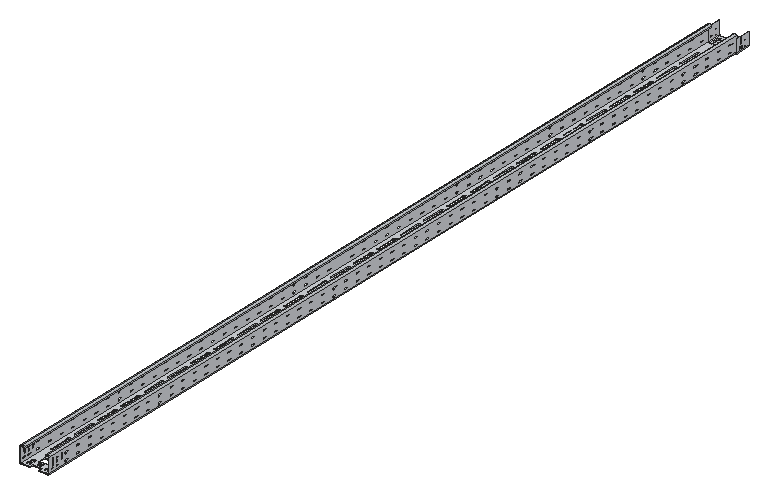
Revit family "Kabelrinne MKS Magic-MKSM Kabelrinne 1 mm, FT,FS", category Generic Models, Revit 2017
Family settings
  Can host rebar = No
  Round Connector Dimension = Use Diameter
  Part Type = Normal
  Work Plane-Based = No
  Always vertical = Yes
  Cut with Voids When Loaded = No
  Shared = No
  Room Calculation Point = No
Parameters (values of type "MKSM 610 FT")
  Width 2 = 50 mm
  Width 1 = 50.001 mm
  Width = 100 mm
  URL = "http://www.obo-bettermann.com"
  Material = Hot-dip galvanised
  Manufacturer Art.No. = "6059018"
  Manufacturer = "OBO Bettermann"
  Length 4 = 2846.7 mm
  Length 3 = 2949 mm
  Length 2 = 2898 mm
  Length 1 = 3000 mm
  Length = 3050 mm
  Height 1 = 48.3 mm
  Height = 60 mm
  GTIN = "4012195830023"
  Cut's space 2 = 101.7 mm
  Cut's space = 50.8 mm
  Cut's number 5 = Length 2 / Cut's space 2 - 1  # 27
  Cut's number 4 = Length 4 / Cut's space 2  # 28
  Cut's number 3 = Length 3 / Cut's space  # 58
  Cut's number 2 = Length 2 / Cut's space  # 57
  Cut's number = 2
  Article Type = "MKSM 610 FT"
Reference planes
  plane 1 "Center (Front/Back)": y = 0
  plane 2: z = 0
  plane 3 "Center (Left/Right)": x = 0
  plane 4: z = 51
  plane 5: z = 60
  plane 6: z = 53.959
  plane 7: z = -1.808
  plane 8: z = 0
  plane 9: y = 1255.055
  plane 10: z = 0
  plane 11: z = 13.5
  plane 12: z = 20.095
  plane 13: z = 14
  plane 14: z = 27.5
  plane 15: z = 22.75
  plane 16: z = 47.25
  plane 17: z = -1.808
  plane 18: y = 14.7
  plane 19: z = 13.5
  plane 20: y = 35.85
  plane 21: z = 27.5
  plane 22: z = 39
  plane 23: z = 39
  plane 24: x = -31
  plane 25: x = 31.001
  plane 26: x = 0.001
  plane 27: y = 10.417
  plane 28: z = 35
  plane 29: z = 31
  plane 30: z = 35
  plane 31: z = 47.25
  plane 32: z = 22.75
  plane 33: y = 61.35
  plane 34: z = 35
  plane 35: z = 17.442
  plane 36: y = 3024.25
  plane 37: z = 29.6
  plane 38: z = 22.25
  plane 39: y = 3015
  plane 40: y = 3020
  plane 41: y = 3015
  plane 42: y = 3020
  plane 43: y = 3015
  plane 44: y = 3035
  plane 45: z = 9.192
  plane 46: z = 9.192
  plane 47: y = 3035
  plane 48: y = 3024.58
  plane 49: z = 13.5
  plane 50: y = 76.25
  plane 51: y = 2972.549
  plane 52: y = 127.08
  plane 53: y = 3037.29
  plane 54: y = 12.71
  plane 55: y = 1.865
  plane 56: y = 50.83
  plane 57: y = 2949.17
  plane 58: y = 152.394
  plane 59: y = 76.25
  plane 60: y = 177.92
  plane 61: y = 2922.95
  plane 62: y = 25.1
  plane 63: x = -30.999
  plane 64: x = 31.001
  plane 65: z = -3.5
  plane 66: z = -3.5
  plane 67: y = 14
  plane 68: y = 25.1
  plane 69: x = 5
  plane 70: x = -7
  plane 71: y = 20.5
  plane 72: z = -3.5
  plane 73: z = -3.5
  plane 74: y = 191.894
  plane 75: y = 112.894
  plane 76: y = 254.178
  plane 77: y = 293.58
  plane 78: y = 214.58
  plane 79: y = 2897.712
  plane 80: y = 395.26
  plane 81: y = 316.26
  plane 82: y = 355.862
  plane 83: y = 496.94
  plane 84: y = 417.94
  plane 85: y = 598.62
  plane 86: y = 519.62
  plane 87: y = 700.3
  plane 88: y = 621.3
  plane 89: y = 801.98
  plane 90: y = 722.98
  plane 91: y = 903.66
  plane 92: y = 824.66
  plane 93: y = 1005.34
  plane 94: y = 926.34
  plane 95: y = 1107.02
  plane 96: y = 1028.02
  plane 97: y = 1208.7
  plane 98: y = 1129.7
  plane 99: y = 1310.38
  plane 100: y = 1231.38
  plane 101: y = 1412.06
  plane 102: y = 1333.06
  plane 103: y = 1513.74
  plane 104: y = 1434.74
  plane 105: y = 1615.42
  plane 106: y = 1536.42
  plane 107: y = 1717.1
  plane 108: y = 1638.1
  plane 109: y = 1818.78
  plane 110: y = 1739.78
  plane 111: y = 1920.46
  plane 112: y = 1841.46
  plane 113: y = 2022.14
  plane 114: y = 1943.14
  plane 115: y = 2123.82
  plane 116: y = 2044.82
  plane 117: y = 2225.499
  plane 118: y = 2146.499
  plane 119: y = 2327.179
  plane 120: y = 2248.179
  plane 121: y = 2428.859
  plane 122: y = 2349.859
  plane 123: y = 2530.539
  plane 124: y = 2451.539
  plane 125: y = 2632.219
  plane 126: y = 2553.219
  plane 127: y = 2733.899
  plane 128: y = 2654.899
  plane 129: y = 2835.579
  plane 130: y = 2756.579
  plane 131: y = 2937.259
  plane 132: y = 2858.259
  plane 133: y = 152.394
  plane 134: y = 112.894
  plane 135: y = 191.894
  plane 136: y = 191.894
  plane 137: y = 254.097
  plane 138: y = 214.597
  plane 139: y = 293.597
  plane 140: y = 293.597
  plane 141: y = 355.779
  plane 142: y = 316.279
  plane 143: y = 395.279
  plane 144: y = 395.279
  plane 145: y = 457.462
  plane 146: y = 417.962
  plane 147: y = 496.962
  plane 148: y = 496.962
  plane 149: y = 559.144
  plane 150: y = 519.644
  plane 151: y = 598.644
  plane 152: y = 598.644
  plane 153: y = 660.827
  plane 154: y = 621.327
  plane 155: y = 700.327
  plane 156: y = 700.327
  plane 157: y = 762.509
  plane 158: y = 723.009
  plane 159: y = 802.009
  plane 160: y = 802.009
  plane 161: y = 864.192
  plane 162: y = 824.692
  plane 163: y = 903.692
  plane 164: y = 903.692
  plane 165: y = 965.874
  plane 166: y = 926.374
  plane 167: y = 1005.374
  plane 168: y = 1005.374
  plane 169: y = 1067.557
  plane 170: y = 1028.057
  plane 171: y = 1107.057
  plane 172: y = 1107.057
  plane 173: y = 1169.24
  plane 174: y = 1129.74
  plane 175: y = 1208.74
  plane 176: y = 1208.74
  plane 177: y = 1270.922
  plane 178: y = 1231.422
  plane 179: y = 1310.422
  plane 180: y = 1310.422
  plane 181: y = 1372.605
  plane 182: y = 1333.105
  plane 183: y = 1412.105
  plane 184: y = 1412.105
  plane 185: y = 1474.287
  plane 186: y = 1434.787
  plane 187: y = 1513.787
  plane 188: y = 1513.787
  plane 189: y = 1575.97
  plane 190: y = 1536.47
  plane 191: y = 1615.47
  plane 192: y = 1615.47
  plane 193: y = 1677.652
  plane 194: y = 1638.152
  plane 195: y = 1717.152
  plane 196: y = 1717.152
  plane 197: y = 1779.335
  plane 198: y = 1739.835
  plane 199: y = 1818.835
  plane 200: y = 1818.835
  plane 201: y = 1881.018
  plane 202: y = 1841.518
  plane 203: y = 1920.518
  plane 204: y = 1920.518
  plane 205: y = 1982.7
  plane 206: y = 1943.2
  plane 207: y = 2022.2
  plane 208: y = 2022.2
  plane 209: y = 2084.383
  plane 210: y = 2044.883
  plane 211: y = 2123.883
  plane 212: y = 2123.883
  plane 213: y = 2186.065
  plane 214: y = 2146.565
  plane 215: y = 2225.565
  plane 216: y = 2225.565
  plane 217: y = 2287.748
  plane 218: y = 2248.248
  plane 219: y = 2327.248
  plane 220: y = 2327.248
  plane 221: y = 2389.43
  plane 222: y = 2349.93
  plane 223: y = 2428.93
  plane 224: y = 2428.93
  plane 225: y = 2491.113
  plane 226: y = 2451.613
  plane 227: y = 2530.613
  plane 228: y = 2530.613
  plane 229: y = 2592.796
  plane 230: y = 2553.296
  plane 231: y = 2632.296
  plane 232: y = 2632.296
  plane 233: y = 2694.478
  plane 234: y = 2654.978
  plane 235: y = 2733.978
  plane 236: y = 2733.978
  plane 237: y = 2796.161
  plane 238: y = 2756.661
  plane 239: y = 2835.661
  plane 240: y = 2835.661
  plane 241: y = 2897.843
  plane 242: y = 2858.343
  plane 243: y = 2937.343
  plane 244: y = 2937.343
Forms (mm)
  Extrusion 1, solid
    sketch origin (0, 0, 0) x (1, 0, 0) y (0, 0, 1)
      loop
        line (-47.499, 0) -> (47.501, 0)
        arc (47.501, 0) -> (49.269, 0.732) -> (50.001, 2.5) r 2.5
        line (50.001, 2.5) -> (50.001, 53.959)
        arc (50.001, 53.959) -> (44.001, 59.959) -> (38.001, 53.959) r 6
        line (38.001, 53.959) -> (38.001, 51) -> (39.001, 51) -> (39.001, 53.959)
        arc (39.001, 53.959) -> (44.001, 58.959) -> (49.001, 53.959) r 5
        line (49.001, 53.959) -> (49.001, 2)
        arc (49.001, 2) -> (48.708, 1.293) -> (48.001, 1) r 1
        line (48.001, 1) -> (-47.999, 1)
        arc (-47.999, 1) -> (-48.706, 1.293) -> (-48.999, 2) r 1
        line (-48.999, 2) -> (-48.999, 53.959)
        arc (-48.999, 53.959) -> (-43.999, 58.959) -> (-38.999, 53.959) r 5
        line (-38.999, 53.959) -> (-38.999, 51) -> (-37.999, 51) -> (-37.999, 53.959)
        arc (-37.999, 53.959) -> (-43.999, 59.959) -> (-49.999, 53.959) r 6
        line (-49.999, 53.959) -> (-49.999, 2.5)
        arc (-49.999, 2.5) -> (-49.267, 0.732) -> (-47.499, 0) r 2.5
    from -3000 to 0
  Extrusion 2, solid
    sketch origin (0, 0, 0) x (1, 0, 0) y (0, 0, 1)
      loop
        line (-49.999, 46.492) -> (-51.799, 46.492) -> (-51.799, 2.5)
        arc (-51.799, 2.5) -> (-50.539, -0.541) -> (-47.499, -1.8) r 4.3
        line (-47.499, -1.8) -> (47.502, -1.8)
        arc (47.502, -1.8) -> (50.542, -0.541) -> (51.801, 2.5) r 4.3
        line (51.801, 2.5) -> (51.801, 46.492) -> (50.001, 46.492) -> (50.001, 2.5)
        arc (50.001, 2.5) -> (49.269, 0.732) -> (47.502, 0) r 2.5
        line (47.502, 0) -> (-47.528, 0)
        arc (-47.528, 0) -> (-49.275, 0.724) -> (-49.999, 2.471) r 2.471
        line (-49.999, 2.471) -> (-49.999, 46.492)
    from -3050 to -3000
  Extrusion 3, void
    sketch origin (0, 0, 0) x (0, 1, 0) y (0, 0, 1)
      loop
        arc (10.7, 17.5) -> (6.7, 13.5) -> (10.7, 9.5) r 4
        line (10.7, 9.5) -> (18.7, 9.5)
        arc (18.7, 9.5) -> (22.7, 13.5) -> (18.7, 17.5) r 4
        line (18.7, 17.5) -> (10.7, 17.5)
    from 49.001 to 50.001
  Extrusion 4, void
    sketch origin (0, 0, 0) x (0, 1, 0) y (0, 0, 1)
      loop
        line (18.7, 17.5) -> (10.7, 17.5)
        arc (10.7, 17.5) -> (6.7, 13.5) -> (10.7, 9.5) r 4
        line (10.7, 9.5) -> (18.7, 9.5)
        arc (18.7, 9.5) -> (22.7, 13.5) -> (18.7, 17.5) r 4
    from -49.999 to -48.999
  Extrusion 5, void
    sketch origin (0, 0, 0) x (0, 1, 0) y (0, 0, 1)
      loop
        arc (31.85, 17.5) -> (28.35, 14) -> (31.85, 10.5) r 3.5
        line (31.85, 10.5) -> (39.85, 10.5)
        arc (39.85, 10.5) -> (43.35, 14) -> (39.85, 17.5) r 3.5
        line (39.85, 17.5) -> (31.85, 17.5)
    from 49.001 to 50.001
  Extrusion 6, void
    sketch origin (0, 0, 0) x (0, 1, 0) y (0, 0, 1)
      loop
        line (39.844, 17.5) -> (31.85, 17.5)
        arc (31.85, 17.5) -> (28.35, 14) -> (31.85, 10.5) r 3.5
        line (31.85, 10.5) -> (39.844, 10.5)
        arc (39.844, 10.5) -> (43.344, 14) -> (39.844, 17.5) r 3.5
    from -49.999 to -48.999
  Extrusion 7, void
    sketch origin (0, 0, 0) x (0, 1, 0) y (0, 0, 1)
      loop
        line (31.85, 31.5) -> (31.85, 23.5) -> (39.85, 23.5) -> (39.85, 31.5) -> (31.85, 31.5)
    from 49.001 to 50.001
  Extrusion 8, void
    sketch origin (0, 0, 0) x (0, 1, 0) y (0, 0, 1)
      loop
        line (39.85, 31.5) -> (31.85, 31.5) -> (31.85, 23.5) -> (39.85, 23.5) -> (39.85, 31.5)
    from -49.999 to -48.999
  Extrusion 9, void
    sketch origin (0, 0, 0) x (0, 1, 0) y (0, 0, 1)
      loop
        arc (31.859, 42.5) -> (28.35, 38.991) -> (31.859, 35.481) r 3.509
        line (31.859, 35.481) -> (39.841, 35.481)
        arc (39.841, 35.481) -> (43.35, 38.991) -> (39.841, 42.5) r 3.509
        line (39.841, 42.5) -> (31.859, 42.5)
    from 49.001 to 50.001
  Extrusion 10, void
    sketch origin (0, 0, 0) x (0, 1, 0) y (0, 0, 1)
      loop
        line (39.85, 42.5) -> (31.85, 42.5)
        arc (31.85, 42.5) -> (28.35, 39) -> (31.85, 35.5) r 3.5
        line (31.85, 35.5) -> (39.85, 35.5)
        arc (39.85, 35.5) -> (43.35, 39) -> (39.85, 42.5) r 3.5
    from -49.999 to -48.999
  Extrusion 11, void
    sketch origin (0, 0, 0) x (0, 1, 0) y (0, 0, 1)
      loop
        line (20.894, 47.25) -> (12.924, 47.25) -> (12.924, 39) -> (10.417, 39) -> (10.417, 31) -> (12.924, 31) -> (12.924, 22.75) -> (20.894, 22.75) -> (20.894, 47.25)
    from 49.001 to 50.001
  Extrusion 12, void
    sketch origin (0, 0, 0) x (0, 1, 0) y (0, 0, 1)
      loop
        line (20.894, 47.25) -> (12.924, 47.25) -> (12.924, 39) -> (10.417, 39) -> (10.417, 31) -> (12.924, 31) -> (12.924, 22.75) -> (20.894, 22.75) -> (20.894, 47.25)
    from -49.999 to -48.999
  Extrusion 13, void
    sketch origin (0, 0, 0) x (0, 1, 0) y (0, 0, 1)
      loop
        line (50.85, 22.75) -> (58.85, 22.75) -> (58.85, 31) -> (61.35, 31) -> (61.35, 39) -> (58.85, 39) -> (58.85, 47.25) -> (50.85, 47.25) -> (50.85, 22.75)
    from 49.001 to 50.001
  Extrusion 14, void
    sketch origin (0, 0, 0) x (0, 1, 0) y (0, 0, 1)
      loop
        line (50.85, 47.25) -> (50.85, 22.75) -> (58.85, 22.75) -> (58.85, 31) -> (61.35, 31) -> (61.35, 39) -> (58.85, 39) -> (58.85, 47.25) -> (50.85, 47.25)
    from -49.999 to -48.999
  Extrusion 15, void
    sketch origin (0, 0, 0) x (0, 1, 0) y (0, 0, 1)
      loop
        line (3007.25, 17.442) -> (3007.25, 8.942) -> (3024.25, 8.942) -> (3024.25, 17.442) -> (3007.25, 17.442)
    from 50.001 to 51.801
  Extrusion 16, void
    sketch origin (0, 0, 0) x (0, 1, 0) y (0, 0, 1)
      loop
        line (3024.25, 17.442) -> (3007.25, 17.442) -> (3007.25, 8.922) -> (3024.25, 8.922) -> (3024.25, 17.442)
    from -51.799 to -49.999
  Extrusion 17, void
    sketch origin (0, 0, 0) x (0, 1, 0) y (0, 0, 1)
      loop
        line (3020, 38.384) -> (3015, 38.384) -> (3015, 22.25) -> (3020, 22.25) -> (3020, 38.384)
    from 50.001 to 51.801
  Extrusion 18, void
    sketch origin (0, 0, 0) x (0, 1, 0) y (0, 0, 1)
      loop
        line (3020, 46.492) -> (3011.99, 46.492) -> (3015.025, 38.384) -> (3019.937, 38.384) -> (3022.903, 46.492) -> (3020, 46.492)
    from 50.001 to 51.801
  Extrusion 19, void
    sketch origin (0, 0, 0) x (0, 1, 0) y (0, 0, 1)
      loop
        line (3030, 29.6) -> (3030, 25.6) -> (3040, 25.6) -> (3040, 29.6) -> (3030, 29.6)
    from 50.001 to 51.801
  Extrusion 20, void
    sketch origin (0, 0, 0) x (0, 1, 0) y (0, 0, 1)
      loop
        circle (3035.041, 9.192) r 4.5
    from 50.001 to 51.801
  Extrusion 21, void
    sketch origin (0, 0, 0) x (0, 1, 0) y (0, 0, 1)
      loop
        line (3040, 29.6) -> (3030, 29.6) -> (3030, 25.6) -> (3040, 25.6) -> (3040, 29.6)
    from -51.799 to -49.999
  Extrusion 22, void
    sketch origin (0, 0, 0) x (0, 1, 0) y (0, 0, 1)
      loop
        circle (3034.949, 9.188) r 4.5
    from -51.799 to -49.999
  Extrusion 23, void
    sketch origin (0, 0, 0) x (0, 1, 0) y (0, 0, 1)
      loop
        line (3020, 22.25) -> (3020, 38.384) -> (3015, 38.384) -> (3015, 22.25) -> (3020, 22.25)
    from -51.799 to -49.999
  Extrusion 24, void
    sketch origin (0, 0, 0) x (0, 1, 0) y (0, 0, 1)
      loop
        line (3015, 46.492) -> (3011.99, 46.492) -> (3015.025, 38.384) -> (3020, 38.384) -> (3022.967, 46.492) -> (3015, 46.492)
    from -51.799 to -49.999
  Extrusion 25, void
    sketch origin (0, 0, 0) x (1, 0, 0) y (0, 1, 0)
      loop
        line (-7.999, 3028.08) -> (-7.999, 3021.08) -> (8.001, 3021.08) -> (8.001, 3028.08) -> (-7.999, 3028.08)
    from -1.808 to 0
  Extrusion 26, void
    sketch origin (0, 0, 0) x (1, 0, 0) y (0, 1, 0)
      loop
        line (-39, 3035.68) -> (-39, 3028.08) -> (-23, 3028.08) -> (-23, 3035.68) -> (-39, 3035.68)
    from -1.808 to 0
  Extrusion 27, void
    sketch origin (0, 0, 0) x (1, 0, 0) y (0, 1, 0)
      loop
        line (23.001, 3035.68) -> (23.001, 3028.08) -> (39.001, 3028.08) -> (39.001, 3035.68) -> (23.001, 3035.68)
    from -1.808 to 0
  Extrusion 28, void
    sketch origin (0, 0, 0) x (1, 0, 0) y (0, 1, 0)
      loop
        line (-39, 3013.48) -> (-23, 3013.48) -> (-23, 3021.08) -> (-39, 3021.08) -> (-39, 3013.48)
    from -1.808 to 0
  Extrusion 29, void
    sketch origin (0, 0, 0) x (1, 0, 0) y (0, 1, 0)
      loop
        line (23.001, 3021.08) -> (23.001, 3013.48) -> (39.001, 3013.48) -> (39.001, 3021.08) -> (23.001, 3021.08)
    from -1.808 to 0
  Extrusion 30, void
    sketch origin (0, 0, 0) x (0, 1, 0) y (0, 0, 1)
      loop
        arc (69.75, 17.5) -> (66.25, 14) -> (69.75, 10.5) r 3.5
        line (69.75, 10.5) -> (82.75, 10.5)
        arc (82.75, 10.5) -> (86.25, 14) -> (82.75, 17.5) r 3.5
        line (82.75, 17.5) -> (69.75, 17.5)
    from 49.001 to 50.001
  Extrusion 31, void
    sketch origin (0, 50.792, 0) x (0, 1, 0) y (0, 0, 1)
      loop
        arc (69.75, 17.5) -> (66.25, 14) -> (69.75, 10.5) r 3.5
        line (69.75, 10.5) -> (82.75, 10.5)
        arc (82.75, 10.5) -> (86.25, 14) -> (82.75, 17.5) r 3.5
        line (82.75, 17.5) -> (69.75, 17.5)
    from 49.001 to 50.001
  Extrusion 32, void
    sketch origin (0, 101.606, 0) x (0, 1, 0) y (0, 0, 1)
      loop
        arc (69.75, 17.5) -> (66.25, 14) -> (69.75, 10.5) r 3.5
        line (69.75, 10.5) -> (82.75, 10.5)
        arc (82.75, 10.5) -> (86.25, 14) -> (82.75, 17.5) r 3.5
        line (82.75, 17.5) -> (69.75, 17.5)
    from 49.001 to 50.001
  Extrusion 33, void
    sketch origin (0, 152.42, 0) x (0, 1, 0) y (0, 0, 1)
      loop
        arc (69.75, 17.5) -> (66.25, 14) -> (69.75, 10.5) r 3.5
        line (69.75, 10.5) -> (82.75, 10.5)
        arc (82.75, 10.5) -> (86.25, 14) -> (82.75, 17.5) r 3.5
        line (82.75, 17.5) -> (69.75, 17.5)
    from 49.001 to 50.001
  Extrusion 34, void
    sketch origin (0, 203.233, 0) x (0, 1, 0) y (0, 0, 1)
      loop
        arc (69.75, 17.5) -> (66.25, 14) -> (69.75, 10.5) r 3.5
        line (69.75, 10.5) -> (82.75, 10.5)
        arc (82.75, 10.5) -> (86.25, 14) -> (82.75, 17.5) r 3.5
        line (82.75, 17.5) -> (69.75, 17.5)
    from 49.001 to 50.001
  Extrusion 35, void
    sketch origin (0, 254.047, 0) x (0, 1, 0) y (0, 0, 1)
      loop
        arc (69.75, 17.5) -> (66.25, 14) -> (69.75, 10.5) r 3.5
        line (69.75, 10.5) -> (82.75, 10.5)
        arc (82.75, 10.5) -> (86.25, 14) -> (82.75, 17.5) r 3.5
        line (82.75, 17.5) -> (69.75, 17.5)
    from 49.001 to 50.001
  Extrusion 36, void
    sketch origin (0, 304.861, 0) x (0, 1, 0) y (0, 0, 1)
      loop
        arc (69.75, 17.5) -> (66.25, 14) -> (69.75, 10.5) r 3.5
        line (69.75, 10.5) -> (82.75, 10.5)
        arc (82.75, 10.5) -> (86.25, 14) -> (82.75, 17.5) r 3.5
        line (82.75, 17.5) -> (69.75, 17.5)
    from 49.001 to 50.001
  Extrusion 37, void
    sketch origin (0, 355.675, 0) x (0, 1, 0) y (0, 0, 1)
      loop
        arc (69.75, 17.5) -> (66.25, 14) -> (69.75, 10.5) r 3.5
        line (69.75, 10.5) -> (82.75, 10.5)
        arc (82.75, 10.5) -> (86.25, 14) -> (82.75, 17.5) r 3.5
        line (82.75, 17.5) -> (69.75, 17.5)
    from 49.001 to 50.001
  Extrusion 38, void
    sketch origin (0, 406.488, 0) x (0, 1, 0) y (0, 0, 1)
      loop
        arc (69.75, 17.5) -> (66.25, 14) -> (69.75, 10.5) r 3.5
        line (69.75, 10.5) -> (82.75, 10.5)
        arc (82.75, 10.5) -> (86.25, 14) -> (82.75, 17.5) r 3.5
        line (82.75, 17.5) -> (69.75, 17.5)
    from 49.001 to 50.001
  Extrusion 39, void
    sketch origin (0, 457.302, 0) x (0, 1, 0) y (0, 0, 1)
      loop
        arc (69.75, 17.5) -> (66.25, 14) -> (69.75, 10.5) r 3.5
        line (69.75, 10.5) -> (82.75, 10.5)
        arc (82.75, 10.5) -> (86.25, 14) -> (82.75, 17.5) r 3.5
        line (82.75, 17.5) -> (69.75, 17.5)
    from 49.001 to 50.001
  Extrusion 40, void
    sketch origin (0, 508.116, 0) x (0, 1, 0) y (0, 0, 1)
      loop
        arc (69.75, 17.5) -> (66.25, 14) -> (69.75, 10.5) r 3.5
        line (69.75, 10.5) -> (82.75, 10.5)
        arc (82.75, 10.5) -> (86.25, 14) -> (82.75, 17.5) r 3.5
        line (82.75, 17.5) -> (69.75, 17.5)
    from 49.001 to 50.001
  Extrusion 41, void
    sketch origin (0, 558.929, 0) x (0, 1, 0) y (0, 0, 1)
      loop
        arc (69.75, 17.5) -> (66.25, 14) -> (69.75, 10.5) r 3.5
        line (69.75, 10.5) -> (82.75, 10.5)
        arc (82.75, 10.5) -> (86.25, 14) -> (82.75, 17.5) r 3.5
        line (82.75, 17.5) -> (69.75, 17.5)
    from 49.001 to 50.001
  Extrusion 42, void
    sketch origin (0, 609.743, 0) x (0, 1, 0) y (0, 0, 1)
      loop
        arc (69.75, 17.5) -> (66.25, 14) -> (69.75, 10.5) r 3.5
        line (69.75, 10.5) -> (82.75, 10.5)
        arc (82.75, 10.5) -> (86.25, 14) -> (82.75, 17.5) r 3.5
        line (82.75, 17.5) -> (69.75, 17.5)
    from 49.001 to 50.001
  Extrusion 43, void
    sketch origin (0, 660.557, 0) x (0, 1, 0) y (0, 0, 1)
      loop
        arc (69.75, 17.5) -> (66.25, 14) -> (69.75, 10.5) r 3.5
        line (69.75, 10.5) -> (82.75, 10.5)
        arc (82.75, 10.5) -> (86.25, 14) -> (82.75, 17.5) r 3.5
        line (82.75, 17.5) -> (69.75, 17.5)
    from 49.001 to 50.001
  Extrusion 44, void
    sketch origin (0, 711.371, 0) x (0, 1, 0) y (0, 0, 1)
      loop
        arc (69.75, 17.5) -> (66.25, 14) -> (69.75, 10.5) r 3.5
        line (69.75, 10.5) -> (82.75, 10.5)
        arc (82.75, 10.5) -> (86.25, 14) -> (82.75, 17.5) r 3.5
        line (82.75, 17.5) -> (69.75, 17.5)
    from 49.001 to 50.001
  Extrusion 45, void
    sketch origin (0, 762.184, 0) x (0, 1, 0) y (0, 0, 1)
      loop
        arc (69.75, 17.5) -> (66.25, 14) -> (69.75, 10.5) r 3.5
        line (69.75, 10.5) -> (82.75, 10.5)
        arc (82.75, 10.5) -> (86.25, 14) -> (82.75, 17.5) r 3.5
        line (82.75, 17.5) -> (69.75, 17.5)
    from 49.001 to 50.001
  Extrusion 46, void
    sketch origin (0, 812.998, 0) x (0, 1, 0) y (0, 0, 1)
      loop
        arc (69.75, 17.5) -> (66.25, 14) -> (69.75, 10.5) r 3.5
        line (69.75, 10.5) -> (82.75, 10.5)
        arc (82.75, 10.5) -> (86.25, 14) -> (82.75, 17.5) r 3.5
        line (82.75, 17.5) -> (69.75, 17.5)
    from 49.001 to 50.001
  Extrusion 47, void
    sketch origin (0, 863.812, 0) x (0, 1, 0) y (0, 0, 1)
      loop
        arc (69.75, 17.5) -> (66.25, 14) -> (69.75, 10.5) r 3.5
        line (69.75, 10.5) -> (82.75, 10.5)
        arc (82.75, 10.5) -> (86.25, 14) -> (82.75, 17.5) r 3.5
        line (82.75, 17.5) -> (69.75, 17.5)
    from 49.001 to 50.001
  Extrusion 48, void
    sketch origin (0, 914.625, 0) x (0, 1, 0) y (0, 0, 1)
      loop
        arc (69.75, 17.5) -> (66.25, 14) -> (69.75, 10.5) r 3.5
        line (69.75, 10.5) -> (82.75, 10.5)
        arc (82.75, 10.5) -> (86.25, 14) -> (82.75, 17.5) r 3.5
        line (82.75, 17.5) -> (69.75, 17.5)
    from 49.001 to 50.001
  Extrusion 49, void
    sketch origin (0, 965.439, 0) x (0, 1, 0) y (0, 0, 1)
      loop
        arc (69.75, 17.5) -> (66.25, 14) -> (69.75, 10.5) r 3.5
        line (69.75, 10.5) -> (82.75, 10.5)
        arc (82.75, 10.5) -> (86.25, 14) -> (82.75, 17.5) r 3.5
        line (82.75, 17.5) -> (69.75, 17.5)
    from 49.001 to 50.001
  Extrusion 50, void
    sketch origin (0, 1016.253, 0) x (0, 1, 0) y (0, 0, 1)
      loop
        arc (69.75, 17.5) -> (66.25, 14) -> (69.75, 10.5) r 3.5
        line (69.75, 10.5) -> (82.75, 10.5)
        arc (82.75, 10.5) -> (86.25, 14) -> (82.75, 17.5) r 3.5
        line (82.75, 17.5) -> (69.75, 17.5)
    from 49.001 to 50.001
  Extrusion 51, void
    sketch origin (0, 1067.066, 0) x (0, 1, 0) y (0, 0, 1)
      loop
        arc (69.75, 17.5) -> (66.25, 14) -> (69.75, 10.5) r 3.5
        line (69.75, 10.5) -> (82.75, 10.5)
        arc (82.75, 10.5) -> (86.25, 14) -> (82.75, 17.5) r 3.5
        line (82.75, 17.5) -> (69.75, 17.5)
    from 49.001 to 50.001
  Extrusion 52, void
    sketch origin (0, 1117.88, 0) x (0, 1, 0) y (0, 0, 1)
      loop
        arc (69.75, 17.5) -> (66.25, 14) -> (69.75, 10.5) r 3.5
        line (69.75, 10.5) -> (82.75, 10.5)
        arc (82.75, 10.5) -> (86.25, 14) -> (82.75, 17.5) r 3.5
        line (82.75, 17.5) -> (69.75, 17.5)
    from 49.001 to 50.001
  Extrusion 53, void
    sketch origin (0, 1168.694, 0) x (0, 1, 0) y (0, 0, 1)
      loop
        arc (69.75, 17.5) -> (66.25, 14) -> (69.75, 10.5) r 3.5
        line (69.75, 10.5) -> (82.75, 10.5)
        arc (82.75, 10.5) -> (86.25, 14) -> (82.75, 17.5) r 3.5
        line (82.75, 17.5) -> (69.75, 17.5)
    from 49.001 to 50.001
  Extrusion 54, void
    sketch origin (0, 1219.508, 0) x (0, 1, 0) y (0, 0, 1)
      loop
        arc (69.75, 17.5) -> (66.25, 14) -> (69.75, 10.5) r 3.5
        line (69.75, 10.5) -> (82.75, 10.5)
        arc (82.75, 10.5) -> (86.25, 14) -> (82.75, 17.5) r 3.5
        line (82.75, 17.5) -> (69.75, 17.5)
    from 49.001 to 50.001
  Extrusion 55, void
    sketch origin (0, 1270.321, 0) x (0, 1, 0) y (0, 0, 1)
      loop
        arc (69.75, 17.5) -> (66.25, 14) -> (69.75, 10.5) r 3.5
        line (69.75, 10.5) -> (82.75, 10.5)
        arc (82.75, 10.5) -> (86.25, 14) -> (82.75, 17.5) r 3.5
        line (82.75, 17.5) -> (69.75, 17.5)
    from 49.001 to 50.001
  Extrusion 56, void
    sketch origin (0, 1321.135, 0) x (0, 1, 0) y (0, 0, 1)
      loop
        arc (69.75, 17.5) -> (66.25, 14) -> (69.75, 10.5) r 3.5
        line (69.75, 10.5) -> (82.75, 10.5)
        arc (82.75, 10.5) -> (86.25, 14) -> (82.75, 17.5) r 3.5
        line (82.75, 17.5) -> (69.75, 17.5)
    from 49.001 to 50.001
  Extrusion 57, void
    sketch origin (0, 1371.949, 0) x (0, 1, 0) y (0, 0, 1)
      loop
        arc (69.75, 17.5) -> (66.25, 14) -> (69.75, 10.5) r 3.5
        line (69.75, 10.5) -> (82.75, 10.5)
        arc (82.75, 10.5) -> (86.25, 14) -> (82.75, 17.5) r 3.5
        line (82.75, 17.5) -> (69.75, 17.5)
    from 49.001 to 50.001
  Extrusion 58, void
    sketch origin (0, 1422.762, 0) x (0, 1, 0) y (0, 0, 1)
      loop
        arc (69.75, 17.5) -> (66.25, 14) -> (69.75, 10.5) r 3.5
        line (69.75, 10.5) -> (82.75, 10.5)
        arc (82.75, 10.5) -> (86.25, 14) -> (82.75, 17.5) r 3.5
        line (82.75, 17.5) -> (69.75, 17.5)
    from 49.001 to 50.001
  Extrusion 59, void
    sketch origin (0, 1473.576, 0) x (0, 1, 0) y (0, 0, 1)
      loop
        arc (69.75, 17.5) -> (66.25, 14) -> (69.75, 10.5) r 3.5
        line (69.75, 10.5) -> (82.75, 10.5)
        arc (82.75, 10.5) -> (86.25, 14) -> (82.75, 17.5) r 3.5
        line (82.75, 17.5) -> (69.75, 17.5)
    from 49.001 to 50.001
  Extrusion 60, void
    sketch origin (0, 1524.39, 0) x (0, 1, 0) y (0, 0, 1)
      loop
        arc (69.75, 17.5) -> (66.25, 14) -> (69.75, 10.5) r 3.5
        line (69.75, 10.5) -> (82.75, 10.5)
        arc (82.75, 10.5) -> (86.25, 14) -> (82.75, 17.5) r 3.5
        line (82.75, 17.5) -> (69.75, 17.5)
    from 49.001 to 50.001
  Extrusion 61, void
    sketch origin (0, 1575.204, 0) x (0, 1, 0) y (0, 0, 1)
      loop
        arc (69.75, 17.5) -> (66.25, 14) -> (69.75, 10.5) r 3.5
        line (69.75, 10.5) -> (82.75, 10.5)
        arc (82.75, 10.5) -> (86.25, 14) -> (82.75, 17.5) r 3.5
        line (82.75, 17.5) -> (69.75, 17.5)
    from 49.001 to 50.001
  Extrusion 62, void
    sketch origin (0, 1626.017, 0) x (0, 1, 0) y (0, 0, 1)
      loop
        arc (69.75, 17.5) -> (66.25, 14) -> (69.75, 10.5) r 3.5
        line (69.75, 10.5) -> (82.75, 10.5)
        arc (82.75, 10.5) -> (86.25, 14) -> (82.75, 17.5) r 3.5
        line (82.75, 17.5) -> (69.75, 17.5)
    from 49.001 to 50.001
  Extrusion 63, void
    sketch origin (0, 1676.831, 0) x (0, 1, 0) y (0, 0, 1)
      loop
        arc (69.75, 17.5) -> (66.25, 14) -> (69.75, 10.5) r 3.5
        line (69.75, 10.5) -> (82.75, 10.5)
        arc (82.75, 10.5) -> (86.25, 14) -> (82.75, 17.5) r 3.5
        line (82.75, 17.5) -> (69.75, 17.5)
    from 49.001 to 50.001
  Extrusion 64, void
    sketch origin (0, 1727.645, 0) x (0, 1, 0) y (0, 0, 1)
      loop
        arc (69.75, 17.5) -> (66.25, 14) -> (69.75, 10.5) r 3.5
        line (69.75, 10.5) -> (82.75, 10.5)
        arc (82.75, 10.5) -> (86.25, 14) -> (82.75, 17.5) r 3.5
        line (82.75, 17.5) -> (69.75, 17.5)
    from 49.001 to 50.001
  Extrusion 65, void
    sketch origin (0, 1778.458, 0) x (0, 1, 0) y (0, 0, 1)
      loop
        arc (69.75, 17.5) -> (66.25, 14) -> (69.75, 10.5) r 3.5
        line (69.75, 10.5) -> (82.75, 10.5)
        arc (82.75, 10.5) -> (86.25, 14) -> (82.75, 17.5) r 3.5
        line (82.75, 17.5) -> (69.75, 17.5)
    from 49.001 to 50.001
  Extrusion 66, void
    sketch origin (0, 1829.272, 0) x (0, 1, 0) y (0, 0, 1)
      loop
        arc (69.75, 17.5) -> (66.25, 14) -> (69.75, 10.5) r 3.5
        line (69.75, 10.5) -> (82.75, 10.5)
        arc (82.75, 10.5) -> (86.25, 14) -> (82.75, 17.5) r 3.5
        line (82.75, 17.5) -> (69.75, 17.5)
    from 49.001 to 50.001
  Extrusion 67, void
    sketch origin (0, 1880.086, 0) x (0, 1, 0) y (0, 0, 1)
      loop
        arc (69.75, 17.5) -> (66.25, 14) -> (69.75, 10.5) r 3.5
        line (69.75, 10.5) -> (82.75, 10.5)
        arc (82.75, 10.5) -> (86.25, 14) -> (82.75, 17.5) r 3.5
        line (82.75, 17.5) -> (69.75, 17.5)
    from 49.001 to 50.001
  Extrusion 68, void
    sketch origin (0, 1930.899, 0) x (0, 1, 0) y (0, 0, 1)
      loop
        arc (69.75, 17.5) -> (66.25, 14) -> (69.75, 10.5) r 3.5
        line (69.75, 10.5) -> (82.75, 10.5)
        arc (82.75, 10.5) -> (86.25, 14) -> (82.75, 17.5) r 3.5
        line (82.75, 17.5) -> (69.75, 17.5)
    from 49.001 to 50.001
  Extrusion 69, void
    sketch origin (0, 1981.713, 0) x (0, 1, 0) y (0, 0, 1)
      loop
        arc (69.75, 17.5) -> (66.25, 14) -> (69.75, 10.5) r 3.5
        line (69.75, 10.5) -> (82.75, 10.5)
        arc (82.75, 10.5) -> (86.25, 14) -> (82.75, 17.5) r 3.5
        line (82.75, 17.5) -> (69.75, 17.5)
    from 49.001 to 50.001
  Extrusion 70, void
    sketch origin (0, 2032.527, 0) x (0, 1, 0) y (0, 0, 1)
      loop
        arc (69.75, 17.5) -> (66.25, 14) -> (69.75, 10.5) r 3.5
        line (69.75, 10.5) -> (82.75, 10.5)
        arc (82.75, 10.5) -> (86.25, 14) -> (82.75, 17.5) r 3.5
        line (82.75, 17.5) -> (69.75, 17.5)
    from 49.001 to 50.001
  Extrusion 71, void
    sketch origin (0, 2083.341, 0) x (0, 1, 0) y (0, 0, 1)
      loop
        arc (69.75, 17.5) -> (66.25, 14) -> (69.75, 10.5) r 3.5
        line (69.75, 10.5) -> (82.75, 10.5)
        arc (82.75, 10.5) -> (86.25, 14) -> (82.75, 17.5) r 3.5
        line (82.75, 17.5) -> (69.75, 17.5)
    from 49.001 to 50.001
  Extrusion 72, void
    sketch origin (0, 2134.154, 0) x (0, 1, 0) y (0, 0, 1)
      loop
        arc (69.75, 17.5) -> (66.25, 14) -> (69.75, 10.5) r 3.5
        line (69.75, 10.5) -> (82.75, 10.5)
        arc (82.75, 10.5) -> (86.25, 14) -> (82.75, 17.5) r 3.5
        line (82.75, 17.5) -> (69.75, 17.5)
    from 49.001 to 50.001
  Extrusion 73, void
    sketch origin (0, 2184.968, 0) x (0, 1, 0) y (0, 0, 1)
      loop
        arc (69.75, 17.5) -> (66.25, 14) -> (69.75, 10.5) r 3.5
        line (69.75, 10.5) -> (82.75, 10.5)
        arc (82.75, 10.5) -> (86.25, 14) -> (82.75, 17.5) r 3.5
        line (82.75, 17.5) -> (69.75, 17.5)
    from 49.001 to 50.001
  Extrusion 74, void
    sketch origin (0, 2235.782, 0) x (0, 1, 0) y (0, 0, 1)
      loop
        arc (69.75, 17.5) -> (66.25, 14) -> (69.75, 10.5) r 3.5
        line (69.75, 10.5) -> (82.75, 10.5)
        arc (82.75, 10.5) -> (86.25, 14) -> (82.75, 17.5) r 3.5
        line (82.75, 17.5) -> (69.75, 17.5)
    from 49.001 to 50.001
  Extrusion 75, void
    sketch origin (0, 2286.595, 0) x (0, 1, 0) y (0, 0, 1)
      loop
        arc (69.75, 17.5) -> (66.25, 14) -> (69.75, 10.5) r 3.5
        line (69.75, 10.5) -> (82.75, 10.5)
        arc (82.75, 10.5) -> (86.25, 14) -> (82.75, 17.5) r 3.5
        line (82.75, 17.5) -> (69.75, 17.5)
    from 49.001 to 50.001
  Extrusion 76, void
    sketch origin (0, 2337.409, 0) x (0, 1, 0) y (0, 0, 1)
      loop
        arc (69.75, 17.5) -> (66.25, 14) -> (69.75, 10.5) r 3.5
        line (69.75, 10.5) -> (82.75, 10.5)
        arc (82.75, 10.5) -> (86.25, 14) -> (82.75, 17.5) r 3.5
        line (82.75, 17.5) -> (69.75, 17.5)
    from 49.001 to 50.001
  Extrusion 77, void
    sketch origin (0, 2388.223, 0) x (0, 1, 0) y (0, 0, 1)
      loop
        arc (69.75, 17.5) -> (66.25, 14) -> (69.75, 10.5) r 3.5
        line (69.75, 10.5) -> (82.75, 10.5)
        arc (82.75, 10.5) -> (86.25, 14) -> (82.75, 17.5) r 3.5
        line (82.75, 17.5) -> (69.75, 17.5)
    from 49.001 to 50.001
  Extrusion 78, void
    sketch origin (0, 2439.037, 0) x (0, 1, 0) y (0, 0, 1)
      loop
        arc (69.75, 17.5) -> (66.25, 14) -> (69.75, 10.5) r 3.5
        line (69.75, 10.5) -> (82.75, 10.5)
        arc (82.75, 10.5) -> (86.25, 14) -> (82.75, 17.5) r 3.5
        line (82.75, 17.5) -> (69.75, 17.5)
    from 49.001 to 50.001
  Extrusion 79, void
    sketch origin (0, 2489.85, 0) x (0, 1, 0) y (0, 0, 1)
      loop
        arc (69.75, 17.5) -> (66.25, 14) -> (69.75, 10.5) r 3.5
        line (69.75, 10.5) -> (82.75, 10.5)
        arc (82.75, 10.5) -> (86.25, 14) -> (82.75, 17.5) r 3.5
        line (82.75, 17.5) -> (69.75, 17.5)
    from 49.001 to 50.001
  Extrusion 80, void
    sketch origin (0, 2540.664, 0) x (0, 1, 0) y (0, 0, 1)
      loop
        arc (69.75, 17.5) -> (66.25, 14) -> (69.75, 10.5) r 3.5
        line (69.75, 10.5) -> (82.75, 10.5)
        arc (82.75, 10.5) -> (86.25, 14) -> (82.75, 17.5) r 3.5
        line (82.75, 17.5) -> (69.75, 17.5)
    from 49.001 to 50.001
  Extrusion 81, void
    sketch origin (0, 2591.478, 0) x (0, 1, 0) y (0, 0, 1)
      loop
        arc (69.75, 17.5) -> (66.25, 14) -> (69.75, 10.5) r 3.5
        line (69.75, 10.5) -> (82.75, 10.5)
        arc (82.75, 10.5) -> (86.25, 14) -> (82.75, 17.5) r 3.5
        line (82.75, 17.5) -> (69.75, 17.5)
    from 49.001 to 50.001
  Extrusion 82, void
    sketch origin (0, 2642.291, 0) x (0, 1, 0) y (0, 0, 1)
      loop
        arc (69.75, 17.5) -> (66.25, 14) -> (69.75, 10.5) r 3.5
        line (69.75, 10.5) -> (82.75, 10.5)
        arc (82.75, 10.5) -> (86.25, 14) -> (82.75, 17.5) r 3.5
        line (82.75, 17.5) -> (69.75, 17.5)
    from 49.001 to 50.001
  Extrusion 83, void
    sketch origin (0, 2693.105, 0) x (0, 1, 0) y (0, 0, 1)
      loop
        arc (69.75, 17.5) -> (66.25, 14) -> (69.75, 10.5) r 3.5
        line (69.75, 10.5) -> (82.75, 10.5)
        arc (82.75, 10.5) -> (86.25, 14) -> (82.75, 17.5) r 3.5
        line (82.75, 17.5) -> (69.75, 17.5)
    from 49.001 to 50.001
  Extrusion 84, void
    sketch origin (0, 2743.919, 0) x (0, 1, 0) y (0, 0, 1)
      loop
        arc (69.75, 17.5) -> (66.25, 14) -> (69.75, 10.5) r 3.5
        line (69.75, 10.5) -> (82.75, 10.5)
        arc (82.75, 10.5) -> (86.25, 14) -> (82.75, 17.5) r 3.5
        line (82.75, 17.5) -> (69.75, 17.5)
    from 49.001 to 50.001
  Extrusion 85, void
    sketch origin (0, 2794.732, 0) x (0, 1, 0) y (0, 0, 1)
      loop
        arc (69.75, 17.5) -> (66.25, 14) -> (69.75, 10.5) r 3.5
        line (69.75, 10.5) -> (82.75, 10.5)
        arc (82.75, 10.5) -> (86.25, 14) -> (82.75, 17.5) r 3.5
        line (82.75, 17.5) -> (69.75, 17.5)
    from 49.001 to 50.001
  Extrusion 86, void
    sketch origin (0, 2845.546, 0) x (0, 1, 0) y (0, 0, 1)
      loop
        arc (69.75, 17.5) -> (66.25, 14) -> (69.75, 10.5) r 3.5
        line (69.75, 10.5) -> (82.75, 10.5)
        arc (82.75, 10.5) -> (86.25, 14) -> (82.75, 17.5) r 3.5
        line (82.75, 17.5) -> (69.75, 17.5)
    from 49.001 to 50.001
  Extrusion 87, void
    sketch origin (0, 2896.36, 0) x (0, 1, 0) y (0, 0, 1)
      loop
        arc (69.75, 17.5) -> (66.25, 14) -> (69.75, 10.5) r 3.5
        line (69.75, 10.5) -> (82.75, 10.5)
        arc (82.75, 10.5) -> (86.25, 14) -> (82.75, 17.5) r 3.5
        line (82.75, 17.5) -> (69.75, 17.5)
    from 49.001 to 50.001
  Extrusion 88, void
    sketch origin (0, 0, 0) x (0, 1, 0) y (0, 0, 1)
      loop
        line (82.75, 17.5) -> (69.75, 17.5)
        arc (69.75, 17.5) -> (66.25, 14) -> (69.75, 10.5) r 3.5
        line (69.75, 10.5) -> (82.75, 10.5)
        arc (82.75, 10.5) -> (86.25, 14) -> (82.75, 17.5) r 3.5
    from -49.999 to -48.999
  Extrusion 89, void
    sketch origin (0, 50.792, 0) x (0, 1, 0) y (0, 0, 1)
      loop
        line (82.75, 17.5) -> (69.75, 17.5)
        arc (69.75, 17.5) -> (66.25, 14) -> (69.75, 10.5) r 3.5
        line (69.75, 10.5) -> (82.75, 10.5)
        arc (82.75, 10.5) -> (86.25, 14) -> (82.75, 17.5) r 3.5
    from -49.999 to -48.999
  Extrusion 90, void
    sketch origin (0, 101.606, 0) x (0, 1, 0) y (0, 0, 1)
      loop
        line (82.75, 17.5) -> (69.75, 17.5)
        arc (69.75, 17.5) -> (66.25, 14) -> (69.75, 10.5) r 3.5
        line (69.75, 10.5) -> (82.75, 10.5)
        arc (82.75, 10.5) -> (86.25, 14) -> (82.75, 17.5) r 3.5
    from -49.999 to -48.999
  Extrusion 91, void
    sketch origin (0, 152.42, 0) x (0, 1, 0) y (0, 0, 1)
      loop
        line (82.75, 17.5) -> (69.75, 17.5)
        arc (69.75, 17.5) -> (66.25, 14) -> (69.75, 10.5) r 3.5
        line (69.75, 10.5) -> (82.75, 10.5)
        arc (82.75, 10.5) -> (86.25, 14) -> (82.75, 17.5) r 3.5
    from -49.999 to -48.999
  Extrusion 92, void
    sketch origin (0, 203.233, 0) x (0, 1, 0) y (0, 0, 1)
      loop
        line (82.75, 17.5) -> (69.75, 17.5)
        arc (69.75, 17.5) -> (66.25, 14) -> (69.75, 10.5) r 3.5
        line (69.75, 10.5) -> (82.75, 10.5)
        arc (82.75, 10.5) -> (86.25, 14) -> (82.75, 17.5) r 3.5
    from -49.999 to -48.999
  Extrusion 93, void
    sketch origin (0, 254.047, 0) x (0, 1, 0) y (0, 0, 1)
      loop
        line (82.75, 17.5) -> (69.75, 17.5)
        arc (69.75, 17.5) -> (66.25, 14) -> (69.75, 10.5) r 3.5
        line (69.75, 10.5) -> (82.75, 10.5)
        arc (82.75, 10.5) -> (86.25, 14) -> (82.75, 17.5) r 3.5
    from -49.999 to -48.999
  Extrusion 94, void
    sketch origin (0, 304.861, 0) x (0, 1, 0) y (0, 0, 1)
      loop
        line (82.75, 17.5) -> (69.75, 17.5)
        arc (69.75, 17.5) -> (66.25, 14) -> (69.75, 10.5) r 3.5
        line (69.75, 10.5) -> (82.75, 10.5)
        arc (82.75, 10.5) -> (86.25, 14) -> (82.75, 17.5) r 3.5
    from -49.999 to -48.999
  Extrusion 95, void
    sketch origin (0, 355.675, 0) x (0, 1, 0) y (0, 0, 1)
      loop
        line (82.75, 17.5) -> (69.75, 17.5)
        arc (69.75, 17.5) -> (66.25, 14) -> (69.75, 10.5) r 3.5
        line (69.75, 10.5) -> (82.75, 10.5)
        arc (82.75, 10.5) -> (86.25, 14) -> (82.75, 17.5) r 3.5
    from -49.999 to -48.999
  Extrusion 96, void
    sketch origin (0, 406.488, 0) x (0, 1, 0) y (0, 0, 1)
      loop
        line (82.75, 17.5) -> (69.75, 17.5)
        arc (69.75, 17.5) -> (66.25, 14) -> (69.75, 10.5) r 3.5
        line (69.75, 10.5) -> (82.75, 10.5)
        arc (82.75, 10.5) -> (86.25, 14) -> (82.75, 17.5) r 3.5
    from -49.999 to -48.999
  Extrusion 97, void
    sketch origin (0, 457.302, 0) x (0, 1, 0) y (0, 0, 1)
      loop
        line (82.75, 17.5) -> (69.75, 17.5)
        arc (69.75, 17.5) -> (66.25, 14) -> (69.75, 10.5) r 3.5
        line (69.75, 10.5) -> (82.75, 10.5)
        arc (82.75, 10.5) -> (86.25, 14) -> (82.75, 17.5) r 3.5
    from -49.999 to -48.999
  Extrusion 98, void
    sketch origin (0, 508.116, 0) x (0, 1, 0) y (0, 0, 1)
      loop
        line (82.75, 17.5) -> (69.75, 17.5)
        arc (69.75, 17.5) -> (66.25, 14) -> (69.75, 10.5) r 3.5
        line (69.75, 10.5) -> (82.75, 10.5)
        arc (82.75, 10.5) -> (86.25, 14) -> (82.75, 17.5) r 3.5
    from -49.999 to -48.999
  Extrusion 99, void
    sketch origin (0, 558.929, 0) x (0, 1, 0) y (0, 0, 1)
      loop
        line (82.75, 17.5) -> (69.75, 17.5)
        arc (69.75, 17.5) -> (66.25, 14) -> (69.75, 10.5) r 3.5
        line (69.75, 10.5) -> (82.75, 10.5)
        arc (82.75, 10.5) -> (86.25, 14) -> (82.75, 17.5) r 3.5
    from -49.999 to -48.999
  Extrusion 100, void
    sketch origin (0, 609.743, 0) x (0, 1, 0) y (0, 0, 1)
      loop
        line (82.75, 17.5) -> (69.75, 17.5)
        arc (69.75, 17.5) -> (66.25, 14) -> (69.75, 10.5) r 3.5
        line (69.75, 10.5) -> (82.75, 10.5)
        arc (82.75, 10.5) -> (86.25, 14) -> (82.75, 17.5) r 3.5
    from -49.999 to -48.999
  Extrusion 101, void
    sketch origin (0, 660.557, 0) x (0, 1, 0) y (0, 0, 1)
      loop
        line (82.75, 17.5) -> (69.75, 17.5)
        arc (69.75, 17.5) -> (66.25, 14) -> (69.75, 10.5) r 3.5
        line (69.75, 10.5) -> (82.75, 10.5)
        arc (82.75, 10.5) -> (86.25, 14) -> (82.75, 17.5) r 3.5
    from -49.999 to -48.999
  Extrusion 102, void
    sketch origin (0, 711.371, 0) x (0, 1, 0) y (0, 0, 1)
      loop
        line (82.75, 17.5) -> (69.75, 17.5)
        arc (69.75, 17.5) -> (66.25, 14) -> (69.75, 10.5) r 3.5
        line (69.75, 10.5) -> (82.75, 10.5)
        arc (82.75, 10.5) -> (86.25, 14) -> (82.75, 17.5) r 3.5
    from -49.999 to -48.999
  Extrusion 103, void
    sketch origin (0, 762.184, 0) x (0, 1, 0) y (0, 0, 1)
      loop
        line (82.75, 17.5) -> (69.75, 17.5)
        arc (69.75, 17.5) -> (66.25, 14) -> (69.75, 10.5) r 3.5
        line (69.75, 10.5) -> (82.75, 10.5)
        arc (82.75, 10.5) -> (86.25, 14) -> (82.75, 17.5) r 3.5
    from -49.999 to -48.999
  Extrusion 104, void
    sketch origin (0, 812.998, 0) x (0, 1, 0) y (0, 0, 1)
      loop
        line (82.75, 17.5) -> (69.75, 17.5)
        arc (69.75, 17.5) -> (66.25, 14) -> (69.75, 10.5) r 3.5
        line (69.75, 10.5) -> (82.75, 10.5)
        arc (82.75, 10.5) -> (86.25, 14) -> (82.75, 17.5) r 3.5
    from -49.999 to -48.999
  Extrusion 105, void
    sketch origin (0, 863.812, 0) x (0, 1, 0) y (0, 0, 1)
      loop
        line (82.75, 17.5) -> (69.75, 17.5)
        arc (69.75, 17.5) -> (66.25, 14) -> (69.75, 10.5) r 3.5
        line (69.75, 10.5) -> (82.75, 10.5)
        arc (82.75, 10.5) -> (86.25, 14) -> (82.75, 17.5) r 3.5
    from -49.999 to -48.999
  Extrusion 106, void
    sketch origin (0, 914.625, 0) x (0, 1, 0) y (0, 0, 1)
      loop
        line (82.75, 17.5) -> (69.75, 17.5)
        arc (69.75, 17.5) -> (66.25, 14) -> (69.75, 10.5) r 3.5
        line (69.75, 10.5) -> (82.75, 10.5)
        arc (82.75, 10.5) -> (86.25, 14) -> (82.75, 17.5) r 3.5
    from -49.999 to -48.999
  Extrusion 107, void
    sketch origin (0, 965.439, 0) x (0, 1, 0) y (0, 0, 1)
      loop
        line (82.75, 17.5) -> (69.75, 17.5)
        arc (69.75, 17.5) -> (66.25, 14) -> (69.75, 10.5) r 3.5
        line (69.75, 10.5) -> (82.75, 10.5)
        arc (82.75, 10.5) -> (86.25, 14) -> (82.75, 17.5) r 3.5
    from -49.999 to -48.999
  Extrusion 108, void
    sketch origin (0, 1016.253, 0) x (0, 1, 0) y (0, 0, 1)
      loop
        line (82.75, 17.5) -> (69.75, 17.5)
        arc (69.75, 17.5) -> (66.25, 14) -> (69.75, 10.5) r 3.5
        line (69.75, 10.5) -> (82.75, 10.5)
        arc (82.75, 10.5) -> (86.25, 14) -> (82.75, 17.5) r 3.5
    from -49.999 to -48.999
  Extrusion 109, void
    sketch origin (0, 1067.066, 0) x (0, 1, 0) y (0, 0, 1)
      loop
        line (82.75, 17.5) -> (69.75, 17.5)
        arc (69.75, 17.5) -> (66.25, 14) -> (69.75, 10.5) r 3.5
        line (69.75, 10.5) -> (82.75, 10.5)
        arc (82.75, 10.5) -> (86.25, 14) -> (82.75, 17.5) r 3.5
    from -49.999 to -48.999
  Extrusion 110, void
    sketch origin (0, 1117.88, 0) x (0, 1, 0) y (0, 0, 1)
      loop
        line (82.75, 17.5) -> (69.75, 17.5)
        arc (69.75, 17.5) -> (66.25, 14) -> (69.75, 10.5) r 3.5
        line (69.75, 10.5) -> (82.75, 10.5)
        arc (82.75, 10.5) -> (86.25, 14) -> (82.75, 17.5) r 3.5
    from -49.999 to -48.999
  Extrusion 111, void
    sketch origin (0, 1168.694, 0) x (0, 1, 0) y (0, 0, 1)
      loop
        line (82.75, 17.5) -> (69.75, 17.5)
        arc (69.75, 17.5) -> (66.25, 14) -> (69.75, 10.5) r 3.5
        line (69.75, 10.5) -> (82.75, 10.5)
        arc (82.75, 10.5) -> (86.25, 14) -> (82.75, 17.5) r 3.5
    from -49.999 to -48.999
  Extrusion 112, void
    sketch origin (0, 1219.508, 0) x (0, 1, 0) y (0, 0, 1)
      loop
        line (82.75, 17.5) -> (69.75, 17.5)
        arc (69.75, 17.5) -> (66.25, 14) -> (69.75, 10.5) r 3.5
        line (69.75, 10.5) -> (82.75, 10.5)
        arc (82.75, 10.5) -> (86.25, 14) -> (82.75, 17.5) r 3.5
    from -49.999 to -48.999
  Extrusion 113, void
    sketch origin (0, 1270.321, 0) x (0, 1, 0) y (0, 0, 1)
      loop
        line (82.75, 17.5) -> (69.75, 17.5)
        arc (69.75, 17.5) -> (66.25, 14) -> (69.75, 10.5) r 3.5
        line (69.75, 10.5) -> (82.75, 10.5)
        arc (82.75, 10.5) -> (86.25, 14) -> (82.75, 17.5) r 3.5
    from -49.999 to -48.999
  Extrusion 114, void
    sketch origin (0, 1371.949, 0) x (0, 1, 0) y (0, 0, 1)
      loop
        line (82.75, 17.5) -> (69.75, 17.5)
        arc (69.75, 17.5) -> (66.25, 14) -> (69.75, 10.5) r 3.5
        line (69.75, 10.5) -> (82.75, 10.5)
        arc (82.75, 10.5) -> (86.25, 14) -> (82.75, 17.5) r 3.5
    from -49.999 to -48.999
  Extrusion 115, void
    sketch origin (0, 1422.762, 0) x (0, 1, 0) y (0, 0, 1)
      loop
        line (82.75, 17.5) -> (69.75, 17.5)
        arc (69.75, 17.5) -> (66.25, 14) -> (69.75, 10.5) r 3.5
        line (69.75, 10.5) -> (82.75, 10.5)
        arc (82.75, 10.5) -> (86.25, 14) -> (82.75, 17.5) r 3.5
    from -49.999 to -48.999
  Extrusion 116, void
    sketch origin (0, 1473.576, 0) x (0, 1, 0) y (0, 0, 1)
      loop
        line (82.75, 17.5) -> (69.75, 17.5)
        arc (69.75, 17.5) -> (66.25, 14) -> (69.75, 10.5) r 3.5
        line (69.75, 10.5) -> (82.75, 10.5)
        arc (82.75, 10.5) -> (86.25, 14) -> (82.75, 17.5) r 3.5
    from -49.999 to -48.999
  Extrusion 117, void
    sketch origin (0, 1524.39, 0) x (0, 1, 0) y (0, 0, 1)
      loop
        line (82.75, 17.5) -> (69.75, 17.5)
        arc (69.75, 17.5) -> (66.25, 14) -> (69.75, 10.5) r 3.5
        line (69.75, 10.5) -> (82.75, 10.5)
        arc (82.75, 10.5) -> (86.25, 14) -> (82.75, 17.5) r 3.5
    from -49.999 to -48.999
  Extrusion 118, void
    sketch origin (0, 1575.204, 0) x (0, 1, 0) y (0, 0, 1)
      loop
        line (82.75, 17.5) -> (69.75, 17.5)
        arc (69.75, 17.5) -> (66.25, 14) -> (69.75, 10.5) r 3.5
        line (69.75, 10.5) -> (82.75, 10.5)
        arc (82.75, 10.5) -> (86.25, 14) -> (82.75, 17.5) r 3.5
    from -49.999 to -48.999
  Extrusion 119, void
    sketch origin (0, 1626.017, 0) x (0, 1, 0) y (0, 0, 1)
      loop
        line (82.75, 17.5) -> (69.75, 17.5)
        arc (69.75, 17.5) -> (66.25, 14) -> (69.75, 10.5) r 3.5
        line (69.75, 10.5) -> (82.75, 10.5)
        arc (82.75, 10.5) -> (86.25, 14) -> (82.75, 17.5) r 3.5
    from -49.999 to -48.999
  Extrusion 120, void
    sketch origin (0, 1676.831, 0) x (0, 1, 0) y (0, 0, 1)
      loop
        line (82.75, 17.5) -> (69.75, 17.5)
        arc (69.75, 17.5) -> (66.25, 14) -> (69.75, 10.5) r 3.5
        line (69.75, 10.5) -> (82.75, 10.5)
        arc (82.75, 10.5) -> (86.25, 14) -> (82.75, 17.5) r 3.5
    from -49.999 to -48.999
  Extrusion 121, void
    sketch origin (0, 1727.645, 0) x (0, 1, 0) y (0, 0, 1)
      loop
        line (82.75, 17.5) -> (69.75, 17.5)
        arc (69.75, 17.5) -> (66.25, 14) -> (69.75, 10.5) r 3.5
        line (69.75, 10.5) -> (82.75, 10.5)
        arc (82.75, 10.5) -> (86.25, 14) -> (82.75, 17.5) r 3.5
    from -49.999 to -48.999
  Extrusion 122, void
    sketch origin (0, 1778.458, 0) x (0, 1, 0) y (0, 0, 1)
      loop
        line (82.75, 17.5) -> (69.75, 17.5)
        arc (69.75, 17.5) -> (66.25, 14) -> (69.75, 10.5) r 3.5
        line (69.75, 10.5) -> (82.75, 10.5)
        arc (82.75, 10.5) -> (86.25, 14) -> (82.75, 17.5) r 3.5
    from -49.999 to -48.999
  Extrusion 123, void
    sketch origin (0, 1829.272, 0) x (0, 1, 0) y (0, 0, 1)
      loop
        line (82.75, 17.5) -> (69.75, 17.5)
        arc (69.75, 17.5) -> (66.25, 14) -> (69.75, 10.5) r 3.5
        line (69.75, 10.5) -> (82.75, 10.5)
        arc (82.75, 10.5) -> (86.25, 14) -> (82.75, 17.5) r 3.5
    from -49.999 to -48.999
  Extrusion 124, void
    sketch origin (0, 1880.086, 0) x (0, 1, 0) y (0, 0, 1)
      loop
        line (82.75, 17.5) -> (69.75, 17.5)
        arc (69.75, 17.5) -> (66.25, 14) -> (69.75, 10.5) r 3.5
        line (69.75, 10.5) -> (82.75, 10.5)
        arc (82.75, 10.5) -> (86.25, 14) -> (82.75, 17.5) r 3.5
    from -49.999 to -48.999
  Extrusion 125, void
    sketch origin (0, 1930.899, 0) x (0, 1, 0) y (0, 0, 1)
      loop
        line (82.75, 17.5) -> (69.75, 17.5)
        arc (69.75, 17.5) -> (66.25, 14) -> (69.75, 10.5) r 3.5
        line (69.75, 10.5) -> (82.75, 10.5)
        arc (82.75, 10.5) -> (86.25, 14) -> (82.75, 17.5) r 3.5
    from -49.999 to -48.999
  Extrusion 126, void
    sketch origin (0, 1981.713, 0) x (0, 1, 0) y (0, 0, 1)
      loop
        line (82.75, 17.5) -> (69.75, 17.5)
        arc (69.75, 17.5) -> (66.25, 14) -> (69.75, 10.5) r 3.5
        line (69.75, 10.5) -> (82.75, 10.5)
        arc (82.75, 10.5) -> (86.25, 14) -> (82.75, 17.5) r 3.5
    from -49.999 to -48.999
  Extrusion 127, void
    sketch origin (0, 2032.527, 0) x (0, 1, 0) y (0, 0, 1)
      loop
        line (82.75, 17.5) -> (69.75, 17.5)
        arc (69.75, 17.5) -> (66.25, 14) -> (69.75, 10.5) r 3.5
        line (69.75, 10.5) -> (82.75, 10.5)
        arc (82.75, 10.5) -> (86.25, 14) -> (82.75, 17.5) r 3.5
    from -49.999 to -48.999
  Extrusion 128, void
    sketch origin (0, 2083.341, 0) x (0, 1, 0) y (0, 0, 1)
      loop
        line (82.75, 17.5) -> (69.75, 17.5)
        arc (69.75, 17.5) -> (66.25, 14) -> (69.75, 10.5) r 3.5
        line (69.75, 10.5) -> (82.75, 10.5)
        arc (82.75, 10.5) -> (86.25, 14) -> (82.75, 17.5) r 3.5
    from -49.999 to -48.999
  Extrusion 129, void
    sketch origin (0, 2134.154, 0) x (0, 1, 0) y (0, 0, 1)
      loop
        line (82.75, 17.5) -> (69.75, 17.5)
        arc (69.75, 17.5) -> (66.25, 14) -> (69.75, 10.5) r 3.5
        line (69.75, 10.5) -> (82.75, 10.5)
        arc (82.75, 10.5) -> (86.25, 14) -> (82.75, 17.5) r 3.5
    from -49.999 to -48.999
  Extrusion 130, void
    sketch origin (0, 2184.968, 0) x (0, 1, 0) y (0, 0, 1)
      loop
        line (82.75, 17.5) -> (69.75, 17.5)
        arc (69.75, 17.5) -> (66.25, 14) -> (69.75, 10.5) r 3.5
        line (69.75, 10.5) -> (82.75, 10.5)
        arc (82.75, 10.5) -> (86.25, 14) -> (82.75, 17.5) r 3.5
    from -49.999 to -48.999
  Extrusion 131, void
    sketch origin (0, 2235.782, 0) x (0, 1, 0) y (0, 0, 1)
      loop
        line (82.75, 17.5) -> (69.75, 17.5)
        arc (69.75, 17.5) -> (66.25, 14) -> (69.75, 10.5) r 3.5
        line (69.75, 10.5) -> (82.75, 10.5)
        arc (82.75, 10.5) -> (86.25, 14) -> (82.75, 17.5) r 3.5
    from -49.999 to -48.999
  Extrusion 132, void
    sketch origin (0, 2286.595, 0) x (0, 1, 0) y (0, 0, 1)
      loop
        line (82.75, 17.5) -> (69.75, 17.5)
        arc (69.75, 17.5) -> (66.25, 14) -> (69.75, 10.5) r 3.5
        line (69.75, 10.5) -> (82.75, 10.5)
        arc (82.75, 10.5) -> (86.25, 14) -> (82.75, 17.5) r 3.5
    from -49.999 to -48.999
  Extrusion 133, void
    sketch origin (0, 2337.409, 0) x (0, 1, 0) y (0, 0, 1)
      loop
        line (82.75, 17.5) -> (69.75, 17.5)
        arc (69.75, 17.5) -> (66.25, 14) -> (69.75, 10.5) r 3.5
        line (69.75, 10.5) -> (82.75, 10.5)
        arc (82.75, 10.5) -> (86.25, 14) -> (82.75, 17.5) r 3.5
    from -49.999 to -48.999
  Extrusion 134, void
    sketch origin (0, 2388.223, 0) x (0, 1, 0) y (0, 0, 1)
      loop
        line (82.75, 17.5) -> (69.75, 17.5)
        arc (69.75, 17.5) -> (66.25, 14) -> (69.75, 10.5) r 3.5
        line (69.75, 10.5) -> (82.75, 10.5)
        arc (82.75, 10.5) -> (86.25, 14) -> (82.75, 17.5) r 3.5
    from -49.999 to -48.999
  Extrusion 135, void
    sketch origin (0, 2439.037, 0) x (0, 1, 0) y (0, 0, 1)
      loop
        line (82.75, 17.5) -> (69.75, 17.5)
        arc (69.75, 17.5) -> (66.25, 14) -> (69.75, 10.5) r 3.5
        line (69.75, 10.5) -> (82.75, 10.5)
        arc (82.75, 10.5) -> (86.25, 14) -> (82.75, 17.5) r 3.5
    from -49.999 to -48.999
  Extrusion 136, void
    sketch origin (0, 2489.85, 0) x (0, 1, 0) y (0, 0, 1)
      loop
        line (82.75, 17.5) -> (69.75, 17.5)
        arc (69.75, 17.5) -> (66.25, 14) -> (69.75, 10.5) r 3.5
        line (69.75, 10.5) -> (82.75, 10.5)
        arc (82.75, 10.5) -> (86.25, 14) -> (82.75, 17.5) r 3.5
    from -49.999 to -48.999
  Extrusion 137, void
    sketch origin (0, 2540.664, 0) x (0, 1, 0) y (0, 0, 1)
      loop
        line (82.75, 17.5) -> (69.75, 17.5)
